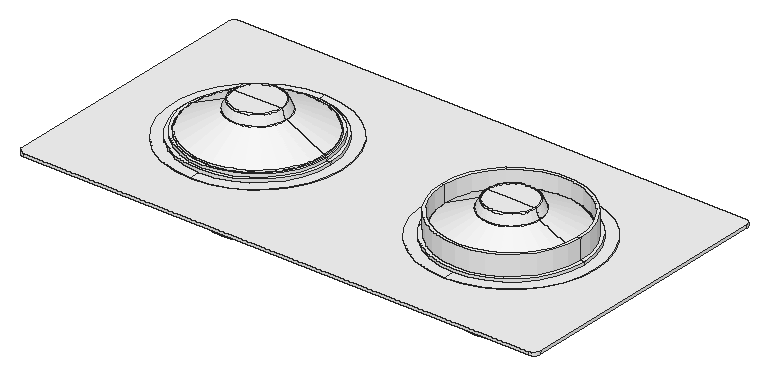
Revit family "R1270-RG", category Plumbing Fixtures, host Face, Revit 2018
Family settings
  Host = Face
  Round Connector Dimension = Use Radius
  Part Type = Normal
  Cut with Voids When Loaded = No
  Shared = No
  Room Calculation Point = No
Parameters (values of type "8" Drain Pipe Size")
  WFU = 0
  URL = "WWW.MIFAB.COM"
  Pipe Radius = Pipe Diameter / 2  # 0' - 4"
  Pipe Diameter = 0' - 8"
  No Hub Standard Height = 0' - 5 7/8"
  Model = "R1270-RG"
  Manufacturer = "MIFAB"
  Galvanized Sump Receiver Width = 2' - 0"
  Galvanized Sump Receiver Length = 3' - 10"
  Floor Drain Material = Paint - Sherwin Williams Paint - #952C2A - Bellwood Red
  Description = "COMBINED LARGE SUMP ROOF AND OVERFLOW DRAIN WITH DUCTILE IRON ROOFGUARD"
  Default Elevation = 0' - 0"
  CWFU = 0
  Assembly Code = ""
  Adjustmen Gap = 1' - 10 1/2"
Types (7): name | Pipe Radius | Pipe Diameter | No Hub Standard Height
  (no name) | 0' - 4" | 0' - 8" | 0' - 5 7/8"
  2" Drain Pipe Size | 0' - 1" | 0' - 2" | 0' - 5 3/4"
  3" Drain Pipe Size | 0' - 1 1/2" | 0' - 3" | 0' - 5 3/4"
  4" Drain Pipe Size | 0' - 2" | 0' - 4" | 0' - 5 3/4"
  5" Drain Pipe Size | 0' - 2 1/2" | 0' - 5" | 0' - 5 3/4"
  6" Drain Pipe Size | 0' - 3" | 0' - 6" | 0' - 7 1/4"
  8" Drain Pipe Size | 0' - 4" | 0' - 8" | 0' - 5 7/8"
Reference planes (in)
  plane 1 "Center (Front/Back)": y = 0
  plane 2: z = 0
  plane 3 "Center (Left/Right)": x = 0
  plane 4: y = -4
  plane 5: y = 4
  plane 6: z = -4.875
  plane 7: z = -6.12436
  plane 8: z = -8.61796
  plane 9: z = -8.86796
  plane 10: z = -2.86796
  plane 11: x = -23
  plane 12: x = 23
  plane 13: y = 12
  plane 14: y = -12
  plane 15: z = -0.25
  plane 16: x = 11.25
  plane 17: x = -11.25
  plane 18: z = -6.125
Forms (in)
  Extrusion 1, void
    sketch origin (0, 0, -0.53421) x (1, 0, 0) y (0, 1, 0)
      loop
        arc (-22.40566, 12) -> (-22.82592, 11.82592) -> (-23, 11.40566) r 0.59434
        line (-23, 11.40566) -> (-23, -11.40625)
        arc (-23, -11.40625) -> (-22.82609, -11.82609) -> (-22.40625, -12) r 0.59375
        line (-22.40625, -12) -> (22.40625, -12)
        arc (22.40625, -12) -> (22.82609, -11.82609) -> (23, -11.40625) r 0.59375
        line (23, -11.40625) -> (23, 11.40625)
        arc (23, 11.40625) -> (22.82609, 11.82609) -> (22.40625, 12) r 0.59375
        line (22.40625, 12) -> (-22.40566, 12)
    from 0.28421 to 0.53421
  Extrusion 2, solid, material "Paint - Sherwin Williams Paint - #952C2A - Bellwood Red" <- "Floor Drain Material"
    sketch origin (0, 0, -0.53421) x (1, 0, 0) y (0, 1, 0)
      loop
        arc (-22.40625, 12) -> (-22.82609, 11.82609) -> (-23, 11.40625) r 0.59375
        line (-23, 11.40625) -> (-23, -11.40625)
        arc (-23, -11.40625) -> (-22.82609, -11.82609) -> (-22.40625, -12) r 0.59375
        line (-22.40625, -12) -> (22.40625, -12)
        arc (22.40625, -12) -> (22.82609, -11.82609) -> (23, -11.40625) r 0.59375
        line (23, -11.40625) -> (23, 11.40625)
        arc (23, 11.40625) -> (22.82609, 11.82609) -> (22.40625, 12) r 0.59375
        line (22.40625, 12) -> (-22.40625, 12)
      loop
        circle (11.25, 0) r 6.5
      loop
        circle (-11.25, 0) r 6.5
    from 0.28421 to 0.53421
Lines and regions (in)
  model lines, not visible
    curve 1: line (-12.42639, 20.75, -0.53421) -> (-12.42639, 22.5, -0.53421)
    curve 2: line (-12.42639, 22.5, -0.53421) -> (10.07361, 22.5, -0.53421)
    curve 3: line (10.07361, 22.5, -0.53421) -> (10.07361, 21, -0.53421)
    curve 4: line (-1.17639, 22.5, -0.53421) -> (-1.17639, 22, -0.53421)
Dimensions and locks (in)
  equal spacing: plane 5, plane 1 "Center (Front/Back)", plane 4
  "Pipe Diameter": plane 5 to plane 4
  "Pipe Radius": plane 1 "Center (Front/Back)" to plane 4
  locked: plane 8 to plane 9 at 0.25
  plane 8 to plane 9 = 0' - 0 1/4"
  plane 10 to plane 8 = 0' - 5 3/4"
  equal spacing: plane 11, plane 3 "Center (Left/Right)", plane 12
  "Galvanized Sump Receiver Length": plane 11 to plane 12
  equal spacing: plane 14, plane 1 "Center (Front/Back)", plane 13
  "Galvanized Sump Receiver Width": plane 14 to plane 13
  locked: plane 2 to plane 15 at 0.25
  equal spacing: plane 17, plane 3 "Center (Left/Right)", plane 16
  "Adjustmen Gap": plane 17 to plane 16
  plane 11 to plane 17 = 0' - 11 3/4"
  plane 16 to plane 12 = 0' - 11 3/4"
  "No Hub Standard Height": plane 15 to plane 18
  aligned and locked: plane 2 to host face
  aligned and locked: level to host face
  aligned and locked: Extrusion 1 sketch curve to plane 13
  aligned and locked: Extrusion 1 sketch curve to plane 11
  aligned and locked: plane 14 to Extrusion 1 sketch curve
  aligned and locked: plane 12 to Extrusion 1 sketch curve
  aligned and locked: Extrusion 1 to plane 15
  aligned and locked: plane 2 to Extrusion 1
  aligned and locked: Extrusion 2 sketch curve to plane 13
  aligned and locked: Extrusion 2 sketch curve to plane 11
  aligned and locked: plane 12 to Extrusion 2 sketch curve
  aligned and locked: plane 14 to Extrusion 2 sketch curve
  aligned and locked: Extrusion 2 to plane 15
  aligned and locked: level to Extrusion 2
  aligned and locked: plane 1 "Center (Front/Back)" to nested 2
  aligned and locked: plane 1 "Center (Front/Back)" to nested 1
  aligned and locked: plane 16 to nested 2
  aligned and locked: nested 1 to plane 17
  aligned and locked: Extrusion 2 sketch curve to nested 2  (x2)
  aligned and locked: Extrusion 2 sketch curve to nested 1  (x2)
Automatic sketch dimensions
  host sketch curve to host sketch curve = 8' - 0"  (x2)
  plane 11 to Extrusion 1 sketch curve = 0' - 0 19/32"
  plane 11 to Extrusion 1 sketch curve = 0' - 0.59434"
  Extrusion 1 sketch curve to Extrusion 1 sketch curve = 0' - 0 19/32"
  plane 12 to Extrusion 1 sketch curve = 0' - 0 19/32"
  Extrusion 2 sketch curve to plane 12 = 0' - 0"
  plane 11 to Extrusion 2 sketch curve = 0' - 0 19/32"  (x2)
  Extrusion 2 sketch curve to Extrusion 2 sketch curve = 0' - 0 19/32"
  plane 12 to Extrusion 2 sketch curve = 0' - 0 19/32"
Nested families (in)
  nested 1: "R1200-RG" at (-11.25, 0, 0), type "4" Drain Pipe Size"
    with Pipe Radius 0' - 4", Pipe Diameter 0' - 8", No Hub Standard Height 0' - 5 7/8"
  nested 2: "R1200-R-RG" at (11.25, 0, 0), type "4" Drain Pipe Size"
    with Pipe Radius 0' - 4", Pipe Diameter 0' - 8", No Hub Standard Height 0' - 5 7/8"
Connectors (in)
  piping at (-11.25, 0, -6.125), diameter 8, driven by "Pipe Radius"
    settings: on nested 1, index 1, connector inside diameter 24", connector length 0' - 0", flow factor 0, pipe flow 0 GPM, pressure drop 0.00 psi, fitting loss kfactor 0, connector angle 0.00°, fixture units 0, engagement length 0' - 0", angle of deflection 0.00°, flow configuration 0, flow direction 2, fitting loss method 0, system type 16, joint type 0, gender type 0, connector reference index -1, connector utility 0, adjustable connector no, is connector primary yes, connector description ""
  piping at (11.25, 0, -6.125), diameter 8, driven by "Pipe Radius"
    settings: on nested 2, index 2, connector inside diameter 24", connector length 0' - 0", flow factor 0, pipe flow 0 GPM, pressure drop 0.00 psi, fitting loss kfactor 0, connector angle 0.00°, fixture units 0, engagement length 0' - 0", angle of deflection 0.00°, flow configuration 0, flow direction 2, fitting loss method 0, system type 16, joint type 0, gender type 0, connector reference index -1, connector utility 0, adjustable connector no, is connector primary no, connector description ""
Definition of nested family "R1200-RG"
  Parameters (values of type "8" Drain Pipe Size")
    WFU = 0
    URL = "WWW.MIFAB.COM"
    Pipe Radius = Pipe Diameter / 2  # 0' - 4"
    Pipe Diameter = 0' - 8"
    No Hub Standard Height = 0' - 5 7/8"
    Model = "R1200-RG"
    Manufacturer = "MIFAB"
    Floor Drain Material = none
    Description = "LARGE SUMP ROOF DRAIN WITH DUCTILE IRON ROOFGUARD"
    Default Elevation = 0' - 0"
    CWFU = 0
    Assembly Code = ""
  Types (7): name | Pipe Radius | Pipe Diameter | No Hub Standard Height
    (no name) | 0' - 4" | 0' - 8" | 0' - 5 7/8"
    3" Drain Pipe Size | 0' - 1 1/2" | 0' - 3" | 0' - 5 3/4"
    2" Drain Pipe Size | 0' - 1" | 0' - 2" | 0' - 5 3/4"
    4" Drain Pipe Size | 0' - 2" | 0' - 4" | 0' - 5 3/4"
    5" Drain Pipe Size | 0' - 2 1/2" | 0' - 5" | 0' - 5 3/4"
    6" Drain Pipe Size | 0' - 3" | 0' - 6" | 0' - 7 37/256"
    8" Drain Pipe Size | 0' - 4" | 0' - 8" | 0' - 5 7/8"
  Reference planes (in)
    plane 1 "Center (Front/Back)": y = 0
    plane 2: z = 0
    plane 3 "Center (Left/Right)": x = 0
    plane 4: z = -7.25
    plane 5: z = -3
    plane 6: z = -4.625
    plane 7: y = -4
    plane 8: y = 4
    plane 9: x = -2.5
    plane 10: x = 2.5
    plane 11: z = 7.5
    plane 12: z = -6.5
    plane 13: x = 7.5
    plane 14: x = -7.5
    plane 15: y = 7.5
    plane 16: y = -7.5
    plane 17: z = -5.14286
    plane 18: z = -0.25
    plane 19: z = -6.125
    plane 20: y = 3.75
    plane 21: y = -3.75
    plane 22: y = 4.8125
    plane 23: y = -4.8125
    plane 24: z = 3.00217
  Forms (in)
    Extrusion 1, solid
      sketch origin (0, 0, 0) x (1, 0, 0) y (0, 1, 0)
        loop
          line (-48, 48) -> (-48, -48) -> (48, -48) -> (48, 48) -> (-48, 48)
      from 0 to -2.74267
    Revolve 2, solid, material <- "Floor Drain Material"
      sketch origin (0, 0.04396, -2.375) x (0, 1, 0) y (0, 0, 1)
        loop
          line (-4.16896, 2.375) -> (-7.54396, 2.375) -> (-7.54396, 2.125) -> (-4.85646, 2.125) -> (-4.85646, 1.375) -> (-4.41896, 1.375) -> (-4.41896, -2.25) -> (-4.04396, -2.25) -> (-4.04396, -3.75) -> (-3.79396, -3.75) -> (-3.79396, -2) -> (-4.16896, -2) -> (-4.16896, 2.375)
        axis (-0.04396, 2.375) -> (-0.04396, -3.75)
      angle from 0 to 360
    Revolve 3, solid, material <- "Floor Drain Material"
      sketch origin (0, 0, 7.5) x (1, 0, 0) y (0, 0, 1)
        loop
          arc (5.92902, -6.98857) -> (5.9166, -6.94526) -> (5.88312, -6.91511) r 0.08173
          line (5.88312, -6.91511) -> (2.57066, -5.29952)
          arc (2.57066, -5.29952) -> (2.54811, -5.28328) -> (2.53228, -5.26046) r 0.08203
          line (2.53228, -5.26046) -> (2.19874, -4.54519)
          arc (2.19874, -4.54519) -> (2.16847, -4.51067) -> (2.1244, -4.49783) r 0.08203
          line (2.1244, -4.49783) -> (0, -4.49783) -> (0, -4.57188) -> (2.1293, -4.57188) -> (2.48752, -5.3401) -> (5.8548, -6.98243) -> (5.8548, -7.25) -> (5.92902, -7.25) -> (5.92902, -6.98857)
        axis (0, -7.25) -> (0, -4.49783)
      angle from 0 to 360
    Revolve 4, solid, material <- "Floor Drain Material"
      sketch origin (0, 0, 0) x (1, 0, 0) y (0, 0, 1)
        loop
          line (6.5, 0) -> (6.5, 0.25) -> (6.17902, 0.25) -> (6.17902, 0.5) -> (5.92902, 0.5) -> (5.92902, 0.25) -> (2.62766, 0.25) -> (2.62766, -0.58408) -> (3.09242, -0.58408) -> (2.93592, 0) -> (6.5, 0)
        axis (0, -0.58408) -> (0, 0.5)
      angle from 0 to 360
  Lines and regions (in)
    model lines, not visible
      curve 1: line (6.7156, 0, 9.07611) -> (12.5156, 0, 9.07611)
      curve 2: line (12.5156, 0, 9.07611) -> (12.5156, 0, 10.82611)
      curve 3: line (12.5156, 0, 10.82611) -> (6.7156, 0, 10.82611)
      curve 4: line (6.7156, 0, 10.82611) -> (6.7156, 0, 9.07611)
      curve 5: line (7.13163, 0, 10.86539) -> (7.13163, 0, 12.86539)
      curve 6: line (7.13163, 0, 12.86539) -> (15.53163, 0, 12.86539)
      curve 7: line (15.53163, 0, 12.86539) -> (15.53163, 0, 10.86539)
      curve 8: line (11.33163, 0, 12.86539) -> (11.33163, 0, 12.36539)
      curve 9: line (0, 28.52778, -10.8585) -> (0, 28.52778, -8.6085)
      curve 10: line (0, 28.52778, -8.6085) -> (0, 21.02778, -8.6085)
      curve 11: line (0, 21.02778, -8.6085) -> (0, 21.02778, -10.8585)
      curve 12: line (0, 24.77778, -8.6085) -> (0, 24.77778, -9.1085)
  Dimensions and locks (in)
    locked: plane 5 to plane 4 at 4.25
    equal spacing: plane 8, plane 1 "Center (Front/Back)", plane 7
    "Pipe Diameter": plane 8 to plane 7
    "Pipe Radius": plane 1 "Center (Front/Back)" to plane 7
    plane 11 to level = 0' - 7 1/2"
    level to plane 12 = 0' - 6 1/2"
    plane 14 to plane 3 "Center (Left/Right)" to plane 13 = 0' - 7 1/2" locked, 0' - 7 1/2" locked
    plane 14 to plane 13 = 1' - 3"  (x3)
    plane 16 to plane 1 "Center (Front/Back)" to plane 15 = 0' - 7 1/2" locked, 0' - 7 1/2" locked
    plane 16 to plane 15 = 1' - 3"
    locked: plane 2 to plane 18 at 0.25
    "No Hub Standard Height": plane 18 to plane 19
    equal spacing: plane 20, plane 1 "Center (Front/Back)", plane 21
    plane 20 to plane 21 = 0' - 7 1/2"
    locked: Revolve 4 sketch curve to plane 13 at 1
    locked: Revolve 2 sketch curve to plane 16 at 2.6875
    plane 22 to plane 23 = 0' - 9 5/8"
    locked: plane 6 to plane 19 at 1.5
    locked: Revolve 2 sketch curve to plane 23 at 0.4375
    aligned and locked: plane 2 to Extrusion 1
    aligned and locked: level to Extrusion 1
    aligned and locked: Revolve 2 sketch curve to plane 19
    aligned and locked: plane 18 to Revolve 2 sketch curve
    aligned and locked: plane 16 to Revolve 2 sketch curve
    aligned and locked: Extrusion 1 to Revolve 4 sketch curve
    aligned and locked: plane 24 to Revolve 3 sketch curve
  Automatic sketch dimensions
    curve 5 to curve 7 = 0' - 8.4"
    curve 5 to curve 8 = 0' - 4.2"
    curve 5 to curve 5 = 0' - 2"
    curve 7 to curve 6 = 0' - 2"
    curve 8 to curve 8 = 0' - 0 1/2"
    Extrusion 1 sketch curve to Extrusion 1 sketch curve = 8' - 0"  (x2)
    Revolve 4 sketch curve to plane 3 "Center (Left/Right)" = 0' - 0"
    Revolve 4 sketch curve to plane 10 = 0' - 0.12766"
    Revolve 4 sketch curve to Revolve 4 sketch curve = 0' - 0.30826"
    Revolve 4 sketch curve to Revolve 4 sketch curve = 0' - 0.46477"
    Revolve 4 sketch curve to Revolve 4 sketch curve = 0' - 0.32098"
    Revolve 4 sketch curve to plane 18 = 0' - 0.33408"
    level to Revolve 4 sketch curve = 0' - 0 1/4"
    Revolve 4 sketch curve to Revolve 4 sketch curve = 0' - 0 1/4"  (x2)
    plane 11 to Revolve 4 sketch curve = 0' - 2.65404"
    Revolve 4 sketch curve to Revolve 4 sketch curve = 0' - 1 3/4"
    Revolve 4 sketch curve to Revolve 4 sketch curve = 0' - 0"
    Revolve 3 sketch curve to plane 3 "Center (Left/Right)" = 0' - 0"  (x2)
    plane 10 to Revolve 3 sketch curve = 0' - 0.3756"
    Revolve 3 sketch curve to Revolve 3 sketch curve = 0' - 0.0049"
    Revolve 3 sketch curve to Revolve 3 sketch curve = 0' - 0.06944"
    plane 10 to Revolve 3 sketch curve = 0' - 0.01248"
    Revolve 3 sketch curve to plane 10 = 0' - 0.03228"
    Revolve 3 sketch curve to plane 10 = 0' - 0.07066"
    Revolve 3 sketch curve to plane 10 = 0' - 0.10662"
    level to Revolve 3 sketch curve = 0' - 0.51143"
    Revolve 3 sketch curve to plane 13 = 0' - 1.6527"
    Revolve 3 sketch curve to Revolve 3 sketch curve = 0' - 0.00751"
    level to Revolve 3 sketch curve = 0' - 0.58489"
    Revolve 3 sketch curve to Revolve 3 sketch curve = 0' - 0.02832"
    Revolve 3 sketch curve to Revolve 3 sketch curve = 0' - 0.00614"
    Revolve 3 sketch curve to Revolve 3 sketch curve = 0' - 0.04058"
    Revolve 3 sketch curve to Revolve 3 sketch curve = 0' - 0 5/128"
    Revolve 3 sketch curve to Revolve 3 sketch curve = 0' - 0.6806"
    Revolve 3 sketch curve to Revolve 3 sketch curve = 0' - 0.02669"
    level to Revolve 3 sketch curve = 0' - 0 1/4"
    Revolve 3 sketch curve to plane 11 = 0' - 1"
    Revolve 3 sketch curve to Revolve 3 sketch curve = 0' - 0 1/2"
    Revolve 3 sketch curve to Revolve 3 sketch curve = 0' - 0.00797"
    Revolve 2 sketch curve to plane 6 = 0' - 0"
    Revolve 2 sketch curve to plane 7 = 0' - 0"
    Revolve 2 sketch curve to plane 1 "Center (Front/Back)" = 0' - 0"
    Revolve 2 sketch curve to plane 4 = 0' - 0"
    Revolve 2 sketch curve to level = 0' - 0"
    Revolve 2 sketch curve to plane 7 = 0' - 0 1/4"
    plane 6 to Revolve 2 sketch curve = 0' - 0 1/4"
    Revolve 2 sketch curve to Revolve 2 sketch curve = 0' - 0 3/4"
    Revolve 2 sketch curve to plane 5 = 0' - 0 1/4"
    Revolve 2 sketch curve to plane 21 = 0' - 0 3/8"
  Connectors (in)
    piping at (0, 0, -6.125), diameter 8, driven by "Pipe Radius", driven by "WFU"
      settings: on Revolve 2, index 2, connector inside diameter 2", connector length 0' - 0", flow factor 0, pipe flow 0 GPM, pressure drop 0.00 psi, fitting loss kfactor 0, connector angle 0.00°, fixture units 0, engagement length 0' - 0", angle of deflection 0.00°, flow configuration 3, flow direction 2, fitting loss method 0, system type 16, joint type 0, gender type 0, connector reference index -1, connector utility 0, adjustable connector no, is connector primary yes, connector description "Sanitary Out"
Definition of nested family "R1200-R-RG"
  Parameters (values of type "8" Drain Pipe Size")
    WFU = 0
    URL = "WWW.MIFAB.COM"
    Pipe Radius = Pipe Diameter / 2  # 0' - 4"
    Pipe Diameter = 0' - 8"
    No Hub Standard Height = 0' - 5 7/8"
    Model = "R1200-R-RG"
    Manufacturer = "MIFAB"
    Floor Drain Material = none
    Description = "LARGE SUMP ROOF DRAIN WITH OVERFLOW & DUCTILE IRON ROOFGUARD"
    Default Elevation = 0' - 0"
    CWFU = 0
    Assembly Code = ""
  Types (7): name | Pipe Radius | Pipe Diameter | No Hub Standard Height
    (no name) | 0' - 4" | 0' - 8" | 0' - 5 7/8"
    3" Drain Pipe Size | 0' - 1 1/2" | 0' - 3" | 0' - 5 3/4"
    2" Drain Pipe Size | 0' - 1" | 0' - 2" | 0' - 5 3/4"
    4" Drain Pipe Size | 0' - 2" | 0' - 4" | 0' - 5 3/4"
    5" Drain Pipe Size | 0' - 2 1/2" | 0' - 5" | 0' - 3 5/8"
    6" Drain Pipe Size | 0' - 3" | 0' - 6" | 0' - 7 1/4"
    8" Drain Pipe Size | 0' - 4" | 0' - 8" | 0' - 5 7/8"
  Reference planes (in)
    plane 1 "Center (Front/Back)": y = 0
    plane 2: z = 0
    plane 3 "Center (Left/Right)": x = 0
    plane 4: z = -7.25
    plane 5: z = -3
    plane 6: z = -4.625
    plane 7: y = -4
    plane 8: y = 4
    plane 9: x = -2.5
    plane 10: x = 2.5
    plane 11: z = -6.5
    plane 12: x = 7.5
    plane 13: x = -7.5
    plane 14: y = 7.5
    plane 15: y = -7.5
    plane 16: z = -5.14286
    plane 17: z = -0.25
    plane 18: z = -6.125
    plane 19: y = 3.75
    plane 20: y = -3.75
    plane 21: y = 4.8125
    plane 22: y = -4.8125
    plane 23: z = 3.00217
  Forms (in)
    Extrusion 1, solid
      sketch origin (0, 0, 0) x (1, 0, 0) y (0, 1, 0)
        loop
          line (-48, 48) -> (-48, -48) -> (48, -48) -> (48, 48) -> (-48, 48)
      from 0 to -2.74267
    Revolve 2, solid, material <- "Floor Drain Material"
      sketch origin (0, 0.04396, -2.375) x (0, 1, 0) y (0, 0, 1)
        loop
          line (-4.07776, 2.375) -> (-7.54396, 2.375) -> (-7.54396, 2.125) -> (-4.85646, 2.125) -> (-4.85646, 1.375) -> (-4.32776, 1.375) -> (-4.32776, -2.25) -> (-4.04396, -2.25) -> (-4.04396, -3.75) -> (-3.79396, -3.75) -> (-3.79396, -2) -> (-4.07776, -2) -> (-4.07776, 2.375)
        axis (-0.04396, 2.375) -> (-0.04396, -3.75)
      angle from 0 to 360
    Revolve 3, solid, material <- "Floor Drain Material"
      sketch origin (0, 0, 7.5) x (1, 0, 0) y (0, 0, 1)
        loop
          arc (5.92902, -6.98857) -> (5.9166, -6.94526) -> (5.88312, -6.91511) r 0.08173
          line (5.88312, -6.91511) -> (2.57066, -5.29952)
          arc (2.57066, -5.29952) -> (2.54811, -5.28328) -> (2.53228, -5.26046) r 0.08203
          line (2.53228, -5.26046) -> (2.19874, -4.54519)
          arc (2.19874, -4.54519) -> (2.16847, -4.51067) -> (2.1244, -4.49783) r 0.08203
          line (2.1244, -4.49783) -> (0, -4.49783) -> (0, -4.57188) -> (2.1293, -4.57188) -> (2.48752, -5.3401) -> (5.8548, -6.98243) -> (5.8548, -7.25) -> (5.92902, -7.25) -> (5.92902, -6.98857)
        axis (0, -7.25) -> (0, -4.49783)
      angle from 0 to 360
    Revolve 4, solid, material <- "Floor Drain Material"
      sketch origin (0, 0, 0) x (1, 0, 0) y (0, 0, 1)
        loop
          line (6.5, 0.25) -> (6.17902, 0.25) -> (6.17902, 2) -> (5.92902, 2) -> (5.92902, 0.25) -> (4.07694, 0.25) -> (4.07694, 0) -> (6.5, 0) -> (6.5, 0.25)
        axis (0, 0) -> (0, 2)
      angle from 0 to 360
  Lines and regions (in)
    model lines, not visible
      curve 1: line (6.7156, 0, 9.07611) -> (12.5156, 0, 9.07611)
      curve 2: line (12.5156, 0, 9.07611) -> (12.5156, 0, 10.82611)
      curve 3: line (12.5156, 0, 10.82611) -> (6.7156, 0, 10.82611)
      curve 4: line (6.7156, 0, 10.82611) -> (6.7156, 0, 9.07611)
      curve 5: line (7.13163, 0, 10.86539) -> (7.13163, 0, 12.86539)
      curve 6: line (7.13163, 0, 12.86539) -> (15.53163, 0, 12.86539)
      curve 7: line (15.53163, 0, 12.86539) -> (15.53163, 0, 10.86539)
      curve 8: line (11.33163, 0, 12.86539) -> (11.33163, 0, 12.36539)
      curve 9: line (0, 28.52778, -10.8585) -> (0, 28.52778, -8.6085)
      curve 10: line (0, 28.52778, -8.6085) -> (0, 21.02778, -8.6085)
      curve 11: line (0, 21.02778, -8.6085) -> (0, 21.02778, -10.8585)
      curve 12: line (0, 24.77778, -8.6085) -> (0, 24.77778, -9.1085)
  Dimensions and locks (in)
    locked: plane 5 to plane 4 at 4.25
    equal spacing: plane 8, plane 1 "Center (Front/Back)", plane 7
    "Pipe Diameter": plane 8 to plane 7
    "Pipe Radius": plane 1 "Center (Front/Back)" to plane 7
    level to plane 11 = 0' - 6 1/2"
    plane 13 to plane 3 "Center (Left/Right)" to plane 12 = 0' - 7 1/2" locked, 0' - 7 1/2" locked
    plane 13 to plane 12 = 1' - 3"  (x3)
    plane 15 to plane 1 "Center (Front/Back)" to plane 14 = 0' - 7 1/2" locked, 0' - 7 1/2" locked
    plane 15 to plane 14 = 1' - 3"
    locked: plane 2 to plane 17 at 0.25
    "No Hub Standard Height": plane 17 to plane 18
    equal spacing: plane 19, plane 1 "Center (Front/Back)", plane 20
    plane 19 to plane 20 = 0' - 7 1/2"
    locked: Revolve 4 sketch curve to plane 12 at 1
    locked: Revolve 2 sketch curve to plane 15 at 2.6875
    plane 21 to plane 22 = 0' - 9 5/8"
    Revolve 4 sketch curve to plane 2 = 0' - 2"
    plane 23 to level = 0' - 3.00217"
    Revolve 2 sketch curve to Revolve 2 sketch curve to plane 22 = 0' - 0 1/4" locked, 0' - 0.5287" locked
    locked: plane 6 to plane 18 at 1.5
    aligned and locked: plane 2 to Extrusion 1
    aligned and locked: level to Extrusion 1
    aligned and locked: Revolve 2 sketch curve to plane 18
    aligned and locked: plane 17 to Revolve 2 sketch curve
    aligned and locked: plane 15 to Revolve 2 sketch curve
    aligned and locked: plane 23 to Revolve 3 sketch curve
    aligned and locked: Revolve 2 sketch curve to plane 6
  Automatic sketch dimensions
    curve 5 to curve 7 = 0' - 8.4"
    curve 5 to curve 8 = 0' - 4.2"
    curve 5 to curve 5 = 0' - 2"
    curve 7 to curve 6 = 0' - 2"
    curve 8 to curve 8 = 0' - 0 1/2"
    Extrusion 1 sketch curve to Extrusion 1 sketch curve = 8' - 0"  (x2)
    Revolve 3 sketch curve to plane 3 "Center (Left/Right)" = 0' - 0"  (x2)
    plane 10 to Revolve 3 sketch curve = 0' - 0.3756"
    Revolve 3 sketch curve to Revolve 3 sketch curve = 0' - 0.0049"
    Revolve 3 sketch curve to Revolve 3 sketch curve = 0' - 0.06944"
    plane 10 to Revolve 3 sketch curve = 0' - 0.01248"
    Revolve 3 sketch curve to plane 10 = 0' - 0.03228"
    Revolve 3 sketch curve to plane 10 = 0' - 0.07066"
    Revolve 3 sketch curve to plane 10 = 0' - 0.10662"
    level to Revolve 3 sketch curve = 0' - 0.51143"
    Revolve 3 sketch curve to plane 12 = 0' - 1.6527"
    Revolve 3 sketch curve to Revolve 3 sketch curve = 0' - 0.00751"
    level to Revolve 3 sketch curve = 0' - 0.58489"
    Revolve 3 sketch curve to Revolve 3 sketch curve = 0' - 0.02832"
    Revolve 3 sketch curve to Revolve 3 sketch curve = 0' - 0.00614"
    Revolve 3 sketch curve to Revolve 3 sketch curve = 0' - 0.04058"
    Revolve 3 sketch curve to Revolve 3 sketch curve = 0' - 0 5/128"
    Revolve 3 sketch curve to Revolve 3 sketch curve = 0' - 0.6806"
    Revolve 3 sketch curve to Revolve 3 sketch curve = 0' - 0.02669"
    level to Revolve 3 sketch curve = 0' - 0 1/4"
    Revolve 3 sketch curve to Revolve 3 sketch curve = 0' - 0 1/2"
    Revolve 3 sketch curve to Revolve 3 sketch curve = 0' - 0.00797"
    Revolve 4 sketch curve to plane 3 "Center (Left/Right)" = 0' - 0"
    Revolve 4 sketch curve to plane 10 = 0' - 1.57694"
    Revolve 4 sketch curve to Revolve 4 sketch curve = 0' - 0 1/4"
    level to Revolve 4 sketch curve = 0' - 0 1/4"
    Revolve 4 sketch curve to Revolve 4 sketch curve = 0' - 0"
    Revolve 4 sketch curve to Revolve 4 sketch curve = 0' - 1 3/4"
    Revolve 4 sketch curve to level = 0' - 0"
    Revolve 4 sketch curve to Revolve 4 sketch curve = 0' - 0.57098"
    plane 23 to Revolve 3 sketch curve = 0' - 3.49783"
    plane 23 to Revolve 4 sketch curve = 0' - 7.15187"
    Revolve 2 sketch curve to plane 7 = 0' - 0"
    Revolve 2 sketch curve to plane 1 "Center (Front/Back)" = 0' - 0"
    Revolve 2 sketch curve to plane 4 = 0' - 0"
    Revolve 2 sketch curve to level = 0' - 0"
    Revolve 2 sketch curve to plane 7 = 0' - 0 1/4"
    plane 6 to Revolve 2 sketch curve = 0' - 0 1/4"
    Revolve 2 sketch curve to Revolve 2 sketch curve = 0' - 0 3/4"
    Revolve 2 sketch curve to plane 5 = 0' - 0 1/4"
  Connectors (in)
    piping at (0, 0, -6.125), diameter 8, driven by "Pipe Radius", driven by "WFU"
      settings: on Revolve 2, index 2, connector inside diameter 2", connector length 0' - 0", flow factor 0, pipe flow 0 GPM, pressure drop 0.00 psi, fitting loss kfactor 0, connector angle 0.00°, fixture units 0, engagement length 0' - 0", angle of deflection 0.00°, flow configuration 3, flow direction 2, fitting loss method 0, system type 16, joint type 0, gender type 0, connector reference index -1, connector utility 0, adjustable connector no, is connector primary yes, connector description "Sanitary Out"
